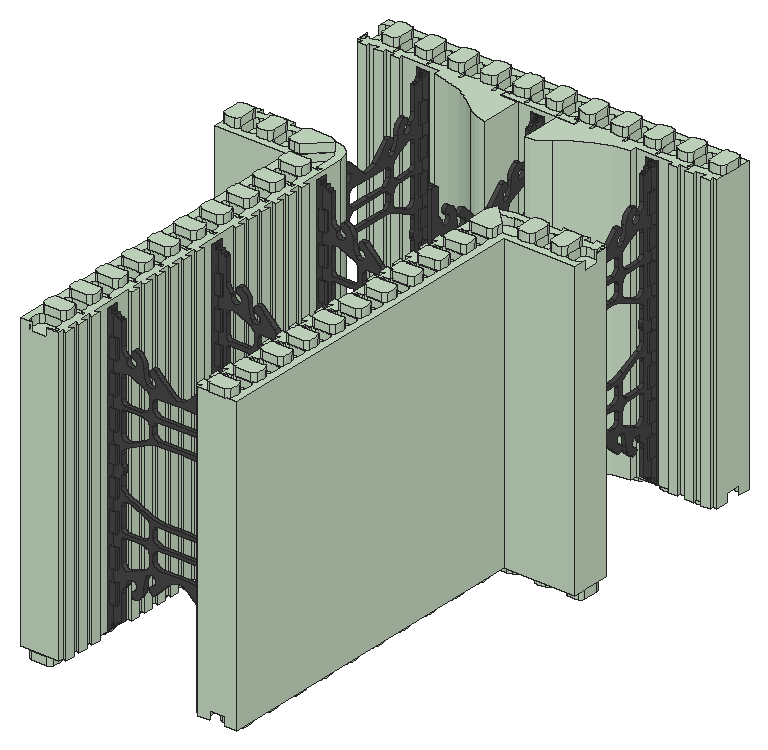
Revit family (continued)
Forms (mm)
  Extrusion 53, void
    sketch origin (914.683, -50.723, 0) x (0, 1, 0) y (-1, 0, 0)
      loop
        arc (-130.453, 639.396) -> (-128.147, 636.215) -> (-124.411, 635) r 6.35
        line (-124.411, 635) -> (-101.014, 635)
        arc (-101.014, 635) -> (-97.278, 636.215) -> (-94.972, 639.396) r 6.35
        arc (-94.972, 639.396) -> (-93.737, 645.691) -> (-94.024, 652.1) r 26.988
        arc (-94.024, 652.1) -> (-93.668, 653.385) -> (-92.457, 653.946) r 1.588
        line (-92.457, 653.946) -> (-86.829, 653.946) -> (-86.829, 658.285) -> (-95.62, 658.285)
        arc (-95.62, 658.285) -> (-96.199, 658.394) -> (-96.698, 658.708) r 1.588
        arc (-96.698, 658.708) -> (-98.696, 659.961) -> (-101.014, 660.4) r 6.35
        line (-101.014, 660.4) -> (-124.411, 660.4)
        arc (-124.411, 660.4) -> (-128.147, 659.184) -> (-130.453, 656.003) r 6.35
        arc (-130.453, 656.003) -> (-131.763, 647.7) -> (-130.453, 639.396) r 26.987
    from 0 to 12.7
  Extrusion 54, void
    sketch origin (406.683, 0.076, 0) x (0, -1, 0) y (1, 0, 0)
      loop
        arc (-130.453, -639.396) -> (-131.763, -647.7) -> (-130.453, -656.003) r 26.987
        arc (-130.453, -656.003) -> (-128.147, -659.184) -> (-124.411, -660.4) r 6.35
        line (-124.411, -660.4) -> (-101.014, -660.4)
        arc (-101.014, -660.4) -> (-98.696, -659.961) -> (-96.698, -658.708) r 6.35
        arc (-96.698, -658.708) -> (-96.199, -658.394) -> (-95.62, -658.285) r 1.588
        line (-95.62, -658.285) -> (-86.829, -658.285) -> (-86.829, -653.946) -> (-92.457, -653.946)
        arc (-92.457, -653.946) -> (-93.668, -653.385) -> (-94.024, -652.1) r 1.588
        arc (-94.024, -652.1) -> (-93.737, -645.691) -> (-94.972, -639.396) r 26.988
        arc (-94.972, -639.396) -> (-97.278, -636.215) -> (-101.014, -635) r 6.35
        line (-101.014, -635) -> (-124.411, -635)
        arc (-124.411, -635) -> (-128.147, -636.215) -> (-130.453, -639.396) r 6.35
    from 457.2 to 444.5
  Extrusion 55, void
    sketch origin (457.483, 0.076, 0) x (0, -1, 0) y (1, 0, 0)
      loop
        arc (-130.453, -639.396) -> (-131.763, -647.7) -> (-130.453, -656.003) r 26.987
        arc (-130.453, -656.003) -> (-128.147, -659.184) -> (-124.411, -660.4) r 6.35
        line (-124.411, -660.4) -> (-101.014, -660.4)
        arc (-101.014, -660.4) -> (-98.696, -659.961) -> (-96.698, -658.708) r 6.35
        arc (-96.698, -658.708) -> (-96.199, -658.394) -> (-95.62, -658.285) r 1.588
        line (-95.62, -658.285) -> (-86.829, -658.285) -> (-86.829, -653.946) -> (-92.457, -653.946)
        arc (-92.457, -653.946) -> (-93.668, -653.385) -> (-94.024, -652.1) r 1.588
        arc (-94.024, -652.1) -> (-93.737, -645.691) -> (-94.972, -639.396) r 26.988
        arc (-94.972, -639.396) -> (-97.278, -636.215) -> (-101.014, -635) r 6.35
        line (-101.014, -635) -> (-124.411, -635)
        arc (-124.411, -635) -> (-128.147, -636.215) -> (-130.453, -639.396) r 6.35
    from 457.2 to 444.5
  Extrusion 56, void
    sketch origin (508.283, 0.076, 0) x (0, -1, 0) y (1, 0, 0)
      loop
        arc (-130.453, -639.396) -> (-131.763, -647.7) -> (-130.453, -656.003) r 26.987
        arc (-130.453, -656.003) -> (-128.147, -659.184) -> (-124.411, -660.4) r 6.35
        line (-124.411, -660.4) -> (-101.014, -660.4)
        arc (-101.014, -660.4) -> (-98.696, -659.961) -> (-96.698, -658.708) r 6.35
        arc (-96.698, -658.708) -> (-96.199, -658.394) -> (-95.62, -658.285) r 1.588
        line (-95.62, -658.285) -> (-86.829, -658.285) -> (-86.829, -653.946) -> (-92.457, -653.946)
        arc (-92.457, -653.946) -> (-93.668, -653.385) -> (-94.024, -652.1) r 1.588
        arc (-94.024, -652.1) -> (-93.737, -645.691) -> (-94.972, -639.396) r 26.988
        arc (-94.972, -639.396) -> (-97.278, -636.215) -> (-101.014, -635) r 6.35
        line (-101.014, -635) -> (-124.411, -635)
        arc (-124.411, -635) -> (-128.147, -636.215) -> (-130.453, -639.396) r 6.35
    from 457.2 to 444.5
  Extrusion 57, void
    sketch origin (559.083, 0.076, 0) x (0, -1, 0) y (1, 0, 0)
      loop
        arc (-130.453, -639.396) -> (-131.763, -647.7) -> (-130.453, -656.003) r 26.987
        arc (-130.453, -656.003) -> (-128.147, -659.184) -> (-124.411, -660.4) r 6.35
        line (-124.411, -660.4) -> (-101.014, -660.4)
        arc (-101.014, -660.4) -> (-98.696, -659.961) -> (-96.698, -658.708) r 6.35
        arc (-96.698, -658.708) -> (-96.199, -658.394) -> (-95.62, -658.285) r 1.588
        line (-95.62, -658.285) -> (-86.829, -658.285) -> (-86.829, -653.946) -> (-92.457, -653.946)
        arc (-92.457, -653.946) -> (-93.668, -653.385) -> (-94.024, -652.1) r 1.588
        arc (-94.024, -652.1) -> (-93.737, -645.691) -> (-94.972, -639.396) r 26.988
        arc (-94.972, -639.396) -> (-97.278, -636.215) -> (-101.014, -635) r 6.35
        line (-101.014, -635) -> (-124.411, -635)
        arc (-124.411, -635) -> (-128.147, -636.215) -> (-130.453, -639.396) r 6.35
    from 457.2 to 444.5
  Extrusion 58, void
    sketch origin (609.883, 0.076, 0) x (0, -1, 0) y (1, 0, 0)
      loop
        arc (-130.453, -639.396) -> (-131.763, -647.7) -> (-130.453, -656.003) r 26.987
        arc (-130.453, -656.003) -> (-128.147, -659.184) -> (-124.411, -660.4) r 6.35
        line (-124.411, -660.4) -> (-101.014, -660.4)
        arc (-101.014, -660.4) -> (-98.696, -659.961) -> (-96.698, -658.708) r 6.35
        arc (-96.698, -658.708) -> (-96.199, -658.394) -> (-95.62, -658.285) r 1.588
        line (-95.62, -658.285) -> (-86.829, -658.285) -> (-86.829, -653.946) -> (-92.457, -653.946)
        arc (-92.457, -653.946) -> (-93.668, -653.385) -> (-94.024, -652.1) r 1.588
        arc (-94.024, -652.1) -> (-93.737, -645.691) -> (-94.972, -639.396) r 26.988
        arc (-94.972, -639.396) -> (-97.278, -636.215) -> (-101.014, -635) r 6.35
        line (-101.014, -635) -> (-124.411, -635)
        arc (-124.411, -635) -> (-128.147, -636.215) -> (-130.453, -639.396) r 6.35
    from 457.2 to 444.5
  Extrusion 59, void
    sketch origin (762.283, 0.076, 0) x (0, -1, 0) y (1, 0, 0)
      loop
        arc (-130.453, -639.396) -> (-131.763, -647.7) -> (-130.453, -656.003) r 26.987
        arc (-130.453, -656.003) -> (-128.147, -659.184) -> (-124.411, -660.4) r 6.35
        line (-124.411, -660.4) -> (-101.014, -660.4)
        arc (-101.014, -660.4) -> (-98.696, -659.961) -> (-96.698, -658.708) r 6.35
        arc (-96.698, -658.708) -> (-96.199, -658.394) -> (-95.62, -658.285) r 1.588
        line (-95.62, -658.285) -> (-86.829, -658.285) -> (-86.829, -653.946) -> (-92.457, -653.946)
        arc (-92.457, -653.946) -> (-93.668, -653.385) -> (-94.024, -652.1) r 1.588
        arc (-94.024, -652.1) -> (-93.737, -645.691) -> (-94.972, -639.396) r 26.988
        arc (-94.972, -639.396) -> (-97.278, -636.215) -> (-101.014, -635) r 6.35
        line (-101.014, -635) -> (-124.411, -635)
        arc (-124.411, -635) -> (-128.147, -636.215) -> (-130.453, -639.396) r 6.35
    from 457.2 to 444.5
  Extrusion 60, void
    sketch origin (813.083, 0.076, 0) x (0, -1, 0) y (1, 0, 0)
      loop
        arc (-130.453, -639.396) -> (-131.763, -647.7) -> (-130.453, -656.003) r 26.987
        arc (-130.453, -656.003) -> (-128.147, -659.184) -> (-124.411, -660.4) r 6.35
        line (-124.411, -660.4) -> (-101.014, -660.4)
        arc (-101.014, -660.4) -> (-98.696, -659.961) -> (-96.698, -658.708) r 6.35
        arc (-96.698, -658.708) -> (-96.199, -658.394) -> (-95.62, -658.285) r 1.588
        line (-95.62, -658.285) -> (-86.829, -658.285) -> (-86.829, -653.946) -> (-92.457, -653.946)
        arc (-92.457, -653.946) -> (-93.668, -653.385) -> (-94.024, -652.1) r 1.588
        arc (-94.024, -652.1) -> (-93.737, -645.691) -> (-94.972, -639.396) r 26.988
        arc (-94.972, -639.396) -> (-97.278, -636.215) -> (-101.014, -635) r 6.35
        line (-101.014, -635) -> (-124.411, -635)
        arc (-124.411, -635) -> (-128.147, -636.215) -> (-130.453, -639.396) r 6.35
    from 457.2 to 444.5
  Extrusion 61, void
    sketch origin (863.883, 0.076, 0) x (0, -1, 0) y (1, 0, 0)
      loop
        arc (-130.453, -639.396) -> (-131.763, -647.7) -> (-130.453, -656.003) r 26.987
        arc (-130.453, -656.003) -> (-128.147, -659.184) -> (-124.411, -660.4) r 6.35
        line (-124.411, -660.4) -> (-101.014, -660.4)
        arc (-101.014, -660.4) -> (-98.696, -659.961) -> (-96.698, -658.708) r 6.35
        arc (-96.698, -658.708) -> (-96.199, -658.394) -> (-95.62, -658.285) r 1.588
        line (-95.62, -658.285) -> (-86.829, -658.285) -> (-86.829, -653.946) -> (-92.457, -653.946)
        arc (-92.457, -653.946) -> (-93.668, -653.385) -> (-94.024, -652.1) r 1.588
        arc (-94.024, -652.1) -> (-93.737, -645.691) -> (-94.972, -639.396) r 26.988
        arc (-94.972, -639.396) -> (-97.278, -636.215) -> (-101.014, -635) r 6.35
        line (-101.014, -635) -> (-124.411, -635)
        arc (-124.411, -635) -> (-128.147, -636.215) -> (-130.453, -639.396) r 6.35
    from 457.2 to 444.5
  Extrusion 62, void
    sketch origin (914.683, 0.076, 0) x (0, -1, 0) y (1, 0, 0)
      loop
        arc (-130.453, -639.396) -> (-131.763, -647.7) -> (-130.453, -656.003) r 26.987
        arc (-130.453, -656.003) -> (-128.147, -659.184) -> (-124.411, -660.4) r 6.35
        line (-124.411, -660.4) -> (-101.014, -660.4)
        arc (-101.014, -660.4) -> (-98.696, -659.961) -> (-96.698, -658.708) r 6.35
        arc (-96.698, -658.708) -> (-96.199, -658.394) -> (-95.62, -658.285) r 1.588
        line (-95.62, -658.285) -> (-86.829, -658.285) -> (-86.829, -653.946) -> (-92.457, -653.946)
        arc (-92.457, -653.946) -> (-93.668, -653.385) -> (-94.024, -652.1) r 1.588
        arc (-94.024, -652.1) -> (-93.737, -645.691) -> (-94.972, -639.396) r 26.988
        arc (-94.972, -639.396) -> (-97.278, -636.215) -> (-101.014, -635) r 6.35
        line (-101.014, -635) -> (-124.411, -635)
        arc (-124.411, -635) -> (-128.147, -636.215) -> (-130.453, -639.396) r 6.35
    from 457.2 to 444.5
  Extrusion 63, void
    sketch origin (-863.316, 0.076, 0) x (0, -1, 0) y (1, 0, 0)
      loop
        arc (-130.453, 639.396) -> (-128.147, 636.215) -> (-124.411, 635) r 6.35
        line (-124.411, 635) -> (-101.014, 635)
        arc (-101.014, 635) -> (-97.278, 636.215) -> (-94.972, 639.396) r 6.35
        arc (-94.972, 639.396) -> (-93.737, 645.691) -> (-94.024, 652.1) r 26.988
        arc (-94.024, 652.1) -> (-93.668, 653.385) -> (-92.457, 653.946) r 1.588
        line (-92.457, 653.946) -> (-86.829, 653.946) -> (-86.829, 658.285) -> (-95.62, 658.285)
        arc (-95.62, 658.285) -> (-96.199, 658.394) -> (-96.698, 658.708) r 1.588
        arc (-96.698, 658.708) -> (-98.696, 659.961) -> (-101.014, 660.4) r 6.35
        line (-101.014, 660.4) -> (-124.411, 660.4)
        arc (-124.411, 660.4) -> (-128.147, 659.184) -> (-130.453, 656.003) r 6.35
        arc (-130.453, 656.003) -> (-131.763, 647.7) -> (-130.453, 639.396) r 26.987
    from 0 to 12.7
  Extrusion 64, void
    sketch origin (-812.516, 0.076, 0) x (0, -1, 0) y (1, 0, 0)
      loop
        arc (-130.453, 639.396) -> (-128.147, 636.215) -> (-124.411, 635) r 6.35
        line (-124.411, 635) -> (-101.014, 635)
        arc (-101.014, 635) -> (-97.278, 636.215) -> (-94.972, 639.396) r 6.35
        arc (-94.972, 639.396) -> (-93.737, 645.691) -> (-94.024, 652.1) r 26.988
        arc (-94.024, 652.1) -> (-93.668, 653.385) -> (-92.457, 653.946) r 1.588
        line (-92.457, 653.946) -> (-86.829, 653.946) -> (-86.829, 658.285) -> (-95.62, 658.285)
        arc (-95.62, 658.285) -> (-96.199, 658.394) -> (-96.698, 658.708) r 1.588
        arc (-96.698, 658.708) -> (-98.696, 659.961) -> (-101.014, 660.4) r 6.35
        line (-101.014, 660.4) -> (-124.411, 660.4)
        arc (-124.411, 660.4) -> (-128.147, 659.184) -> (-130.453, 656.003) r 6.35
        arc (-130.453, 656.003) -> (-131.763, 647.7) -> (-130.453, 639.396) r 26.987
    from 0 to 12.7
  Extrusion 65, void
    sketch origin (-761.716, 0.076, 0) x (0, -1, 0) y (1, 0, 0)
      loop
        arc (-130.453, 639.396) -> (-128.147, 636.215) -> (-124.411, 635) r 6.35
        line (-124.411, 635) -> (-101.014, 635)
        arc (-101.014, 635) -> (-97.278, 636.215) -> (-94.972, 639.396) r 6.35
        arc (-94.972, 639.396) -> (-93.737, 645.691) -> (-94.024, 652.1) r 26.988
        arc (-94.024, 652.1) -> (-93.668, 653.385) -> (-92.457, 653.946) r 1.588
        line (-92.457, 653.946) -> (-86.829, 653.946) -> (-86.829, 658.285) -> (-95.62, 658.285)
        arc (-95.62, 658.285) -> (-96.199, 658.394) -> (-96.698, 658.708) r 1.588
        arc (-96.698, 658.708) -> (-98.696, 659.961) -> (-101.014, 660.4) r 6.35
        line (-101.014, 660.4) -> (-124.411, 660.4)
        arc (-124.411, 660.4) -> (-128.147, 659.184) -> (-130.453, 656.003) r 6.35
        arc (-130.453, 656.003) -> (-131.763, 647.7) -> (-130.453, 639.396) r 26.987
    from 0 to 12.7
  Extrusion 66, void
    sketch origin (-710.916, 0.076, 0) x (0, -1, 0) y (1, 0, 0)
      loop
        arc (-130.453, 639.396) -> (-128.147, 636.215) -> (-124.411, 635) r 6.35
        line (-124.411, 635) -> (-101.014, 635)
        arc (-101.014, 635) -> (-97.278, 636.215) -> (-94.972, 639.396) r 6.35
        arc (-94.972, 639.396) -> (-93.737, 645.691) -> (-94.024, 652.1) r 26.988
        arc (-94.024, 652.1) -> (-93.668, 653.385) -> (-92.457, 653.946) r 1.588
        line (-92.457, 653.946) -> (-86.829, 653.946) -> (-86.829, 658.285) -> (-95.62, 658.285)
        arc (-95.62, 658.285) -> (-96.199, 658.394) -> (-96.698, 658.708) r 1.588
        arc (-96.698, 658.708) -> (-98.696, 659.961) -> (-101.014, 660.4) r 6.35
        line (-101.014, 660.4) -> (-124.411, 660.4)
        arc (-124.411, 660.4) -> (-128.147, 659.184) -> (-130.453, 656.003) r 6.35
        arc (-130.453, 656.003) -> (-131.763, 647.7) -> (-130.453, 639.396) r 26.987
    from 0 to 12.7
  Extrusion 67, void
    sketch origin (-507.716, 0.076, 0) x (0, -1, 0) y (1, 0, 0)
      loop
        arc (-130.453, 639.396) -> (-128.147, 636.215) -> (-124.411, 635) r 6.35
        line (-124.411, 635) -> (-101.014, 635)
        arc (-101.014, 635) -> (-97.278, 636.215) -> (-94.972, 639.396) r 6.35
        arc (-94.972, 639.396) -> (-93.737, 645.691) -> (-94.024, 652.1) r 26.988
        arc (-94.024, 652.1) -> (-93.668, 653.385) -> (-92.457, 653.946) r 1.588
        line (-92.457, 653.946) -> (-86.829, 653.946) -> (-86.829, 658.285) -> (-95.62, 658.285)
        arc (-95.62, 658.285) -> (-96.199, 658.394) -> (-96.698, 658.708) r 1.588
        arc (-96.698, 658.708) -> (-98.696, 659.961) -> (-101.014, 660.4) r 6.35
        line (-101.014, 660.4) -> (-124.411, 660.4)
        arc (-124.411, 660.4) -> (-128.147, 659.184) -> (-130.453, 656.003) r 6.35
        arc (-130.453, 656.003) -> (-131.763, 647.7) -> (-130.453, 639.396) r 26.987
    from 0 to 12.7
  Extrusion 68, void
    sketch origin (-456.916, 0.076, 0) x (0, -1, 0) y (1, 0, 0)
      loop
        arc (-130.453, 639.396) -> (-128.147, 636.215) -> (-124.411, 635) r 6.35
        line (-124.411, 635) -> (-101.014, 635)
        arc (-101.014, 635) -> (-97.278, 636.215) -> (-94.972, 639.396) r 6.35
        arc (-94.972, 639.396) -> (-93.737, 645.691) -> (-94.024, 652.1) r 26.988
        arc (-94.024, 652.1) -> (-93.668, 653.385) -> (-92.457, 653.946) r 1.588
        line (-92.457, 653.946) -> (-86.829, 653.946) -> (-86.829, 658.285) -> (-95.62, 658.285)
        arc (-95.62, 658.285) -> (-96.199, 658.394) -> (-96.698, 658.708) r 1.588
        arc (-96.698, 658.708) -> (-98.696, 659.961) -> (-101.014, 660.4) r 6.35
        line (-101.014, 660.4) -> (-124.411, 660.4)
        arc (-124.411, 660.4) -> (-128.147, 659.184) -> (-130.453, 656.003) r 6.35
        arc (-130.453, 656.003) -> (-131.763, 647.7) -> (-130.453, 639.396) r 26.987
    from 0 to 12.7
  Extrusion 69, void
    sketch origin (-406.116, 0.076, 0) x (0, -1, 0) y (1, 0, 0)
      loop
        arc (-130.453, 639.396) -> (-128.147, 636.215) -> (-124.411, 635) r 6.35
        line (-124.411, 635) -> (-101.014, 635)
        arc (-101.014, 635) -> (-97.278, 636.215) -> (-94.972, 639.396) r 6.35
        arc (-94.972, 639.396) -> (-93.737, 645.691) -> (-94.024, 652.1) r 26.988
        arc (-94.024, 652.1) -> (-93.668, 653.385) -> (-92.457, 653.946) r 1.588
        line (-92.457, 653.946) -> (-86.829, 653.946) -> (-86.829, 658.285) -> (-95.62, 658.285)
        arc (-95.62, 658.285) -> (-96.199, 658.394) -> (-96.698, 658.708) r 1.588
        arc (-96.698, 658.708) -> (-98.696, 659.961) -> (-101.014, 660.4) r 6.35
        line (-101.014, 660.4) -> (-124.411, 660.4)
        arc (-124.411, 660.4) -> (-128.147, 659.184) -> (-130.453, 656.003) r 6.35
        arc (-130.453, 656.003) -> (-131.763, 647.7) -> (-130.453, 639.396) r 26.987
    from 0 to 12.7
  Extrusion 70, void
    sketch origin (-355.316, 0.076, 0) x (0, -1, 0) y (1, 0, 0)
      loop
        arc (-130.453, 639.396) -> (-128.147, 636.215) -> (-124.411, 635) r 6.35
        line (-124.411, 635) -> (-101.014, 635)
        arc (-101.014, 635) -> (-97.278, 636.215) -> (-94.972, 639.396) r 6.35
        arc (-94.972, 639.396) -> (-93.737, 645.691) -> (-94.024, 652.1) r 26.988
        arc (-94.024, 652.1) -> (-93.668, 653.385) -> (-92.457, 653.946) r 1.588
        line (-92.457, 653.946) -> (-86.829, 653.946) -> (-86.829, 658.285) -> (-95.62, 658.285)
        arc (-95.62, 658.285) -> (-96.199, 658.394) -> (-96.698, 658.708) r 1.588
        arc (-96.698, 658.708) -> (-98.696, 659.961) -> (-101.014, 660.4) r 6.35
        line (-101.014, 660.4) -> (-124.411, 660.4)
        arc (-124.411, 660.4) -> (-128.147, 659.184) -> (-130.453, 656.003) r 6.35
        arc (-130.453, 656.003) -> (-131.763, 647.7) -> (-130.453, 639.396) r 26.987
    from 0 to 12.7
  Extrusion 71, solid, material "NUDURA Expanded Polystyrene Foam Insulation"
    sketch origin (51.084, -50.724, 0) x (1, 0, 0) y (0, 1, 0)
      loop
        arc (101.102, -101.102) -> (95.596, -109.342) -> (93.663, -119.062) r 25.4
        line (93.663, -119.062) -> (93.663, -139.7)
        arc (93.663, -139.7) -> (93.992, -143.903) -> (94.972, -148.003) r 26.987
        arc (94.972, -148.003) -> (97.278, -151.184) -> (101.014, -152.4) r 6.35
        line (101.014, -152.4) -> (124.411, -152.4)
        arc (124.411, -152.4) -> (128.147, -151.184) -> (130.453, -148.003) r 6.35
        arc (130.453, -148.003) -> (131.433, -143.903) -> (131.763, -139.7) r 26.988
        line (131.763, -139.7) -> (131.763, -131.762) -> (101.102, -101.102)
    from 457.2 to 469.9
  Extrusion 72, solid, material "NUDURA Expanded Polystyrene Foam Insulation"
    sketch origin (0.284, -50.724, 0) x (1, 0, 0) y (0, 1, 0)
      loop
        line (-119.063, -93.662) -> (-139.7, -93.662)
        arc (-139.7, -93.662) -> (-143.903, -93.991) -> (-148.004, -94.971) r 26.987
        arc (-148.004, -94.971) -> (-151.185, -97.277) -> (-152.4, -101.013) r 6.35
        line (-152.4, -101.013) -> (-152.4, -124.411)
        arc (-152.4, -124.411) -> (-151.185, -128.147) -> (-148.004, -130.453) r 6.35
        arc (-148.004, -130.453) -> (-143.903, -131.433) -> (-139.7, -131.762) r 26.987
        line (-139.7, -131.762) -> (-131.763, -131.762) -> (-101.102, -101.102)
        arc (-101.102, -101.102) -> (-109.342, -95.595) -> (-119.063, -93.662) r 25.4
    from 457.2 to 469.9
  Extrusion 73, solid, material "NUDURA Expanded Polystyrene Foam Insulation"
    sketch origin (0.284, -50.724, 0) x (1, 0, 0) y (0, 1, 0)
      loop
        line (-131.763, -131.762) -> (-131.763, -139.7)
        arc (-131.763, -139.7) -> (-131.433, -143.903) -> (-130.453, -148.003) r 26.987
        arc (-130.453, -148.003) -> (-128.147, -151.184) -> (-124.411, -152.4) r 6.35
        line (-124.411, -152.4) -> (-101.014, -152.4)
        arc (-101.014, -152.4) -> (-97.278, -151.184) -> (-94.972, -148.003) r 6.35
        arc (-94.972, -148.003) -> (-93.992, -143.903) -> (-93.663, -139.7) r 26.987
        line (-93.663, -139.7) -> (-93.663, -119.062)
        arc (-93.663, -119.062) -> (-95.596, -109.342) -> (-101.102, -101.102) r 25.4
        line (-101.102, -101.102) -> (-131.763, -131.762)
    from 0 to -12.7
  Extrusion 74, solid, material "NUDURA Expanded Polystyrene Foam Insulation"
    sketch origin (51.084, -50.724, 0) x (1, 0, 0) y (0, 1, 0)
      loop
        arc (152.4, -101.013) -> (151.185, -97.277) -> (148.004, -94.971) r 6.35
        arc (148.004, -94.971) -> (143.903, -93.991) -> (139.7, -93.662) r 26.987
        line (139.7, -93.662) -> (119.063, -93.662)
        arc (119.063, -93.662) -> (109.342, -95.595) -> (101.102, -101.102) r 25.4
        line (101.102, -101.102) -> (131.763, -131.762) -> (139.7, -131.762)
        arc (139.7, -131.762) -> (143.903, -131.433) -> (148.004, -130.453) r 26.988
        arc (148.004, -130.453) -> (151.185, -128.147) -> (152.4, -124.411) r 6.35
        line (152.4, -124.411) -> (152.4, -101.013)
    from 0 to -12.7
  Extrusion 75, void
    sketch origin (-558.516, 0.076, 0) x (0, -1, 0) y (1, 0, 0)
      loop
        arc (-130.453, 639.396) -> (-128.147, 636.215) -> (-124.411, 635) r 6.35
        line (-124.411, 635) -> (-101.014, 635)
        arc (-101.014, 635) -> (-97.278, 636.215) -> (-94.972, 639.396) r 6.35
        arc (-94.972, 639.396) -> (-93.737, 645.691) -> (-94.024, 652.1) r 26.988
        arc (-94.024, 652.1) -> (-93.668, 653.385) -> (-92.457, 653.946) r 1.588
        line (-92.457, 653.946) -> (-86.829, 653.946) -> (-86.829, 658.285) -> (-95.62, 658.285)
        arc (-95.62, 658.285) -> (-96.199, 658.394) -> (-96.698, 658.708) r 1.588
        arc (-96.698, 658.708) -> (-98.696, 659.961) -> (-101.014, 660.4) r 6.35
        line (-101.014, 660.4) -> (-124.411, 660.4)
        arc (-124.411, 660.4) -> (-128.147, 659.184) -> (-130.453, 656.003) r 6.35
        arc (-130.453, 656.003) -> (-131.763, 647.7) -> (-130.453, 639.396) r 26.987
    from 0 to 12.7
  Extrusion 76, solid, material "NUDURA Expanded Polystyrene Foam Insulation"
    sketch origin (0.284, 0.076, 0) x (1, 0, 0) y (0, 1, 0)
      loop
        line (-31.75, 142.875) -> (-31.75, 131.479) -> (-25.4, 133.18) -> (-25.4, 117.763) -> (-31.75, 119.346) -> (-31.75, 106.079) -> (-25.4, 107.78) -> (-25.4, 92.363) -> (-31.75, 93.946) -> (-31.75, 82.55) -> (82.55, 82.55) -> (82.55, 93.946) -> (76.2, 92.363) -> (76.2, 107.78) -> (82.55, 106.079) -> (82.55, 119.346) -> (76.2, 117.763) -> (76.2, 133.18) -> (82.55, 131.479) -> (82.55, 142.875) -> (-31.75, 142.875)
    from 0 to 457.2
  Extrusion 77, void
    sketch origin (660.683, 0.076, 0) x (0, -1, 0) y (1, 0, 0)
      loop
        arc (-130.453, -639.396) -> (-131.763, -647.7) -> (-130.453, -656.003) r 26.987
        arc (-130.453, -656.003) -> (-128.147, -659.184) -> (-124.411, -660.4) r 6.35
        line (-124.411, -660.4) -> (-101.014, -660.4)
        arc (-101.014, -660.4) -> (-98.696, -659.961) -> (-96.698, -658.708) r 6.35
        arc (-96.698, -658.708) -> (-96.199, -658.394) -> (-95.62, -658.285) r 1.588
        line (-95.62, -658.285) -> (-86.829, -658.285) -> (-86.829, -653.946) -> (-92.457, -653.946)
        arc (-92.457, -653.946) -> (-93.668, -653.385) -> (-94.024, -652.1) r 1.588
        arc (-94.024, -652.1) -> (-93.737, -645.691) -> (-94.972, -639.396) r 26.988
        arc (-94.972, -639.396) -> (-97.278, -636.215) -> (-101.014, -635) r 6.35
        line (-101.014, -635) -> (-124.411, -635)
        arc (-124.411, -635) -> (-128.147, -636.215) -> (-130.453, -639.396) r 6.35
    from 457.2 to 444.5
  Extrusion 78, void
    sketch origin (711.483, 0.076, 0) x (0, -1, 0) y (1, 0, 0)
      loop
        arc (-130.453, -639.396) -> (-131.763, -647.7) -> (-130.453, -656.003) r 26.987
        arc (-130.453, -656.003) -> (-128.147, -659.184) -> (-124.411, -660.4) r 6.35
        line (-124.411, -660.4) -> (-101.014, -660.4)
        arc (-101.014, -660.4) -> (-98.696, -659.961) -> (-96.698, -658.708) r 6.35
        arc (-96.698, -658.708) -> (-96.199, -658.394) -> (-95.62, -658.285) r 1.588
        line (-95.62, -658.285) -> (-86.829, -658.285) -> (-86.829, -653.946) -> (-92.457, -653.946)
        arc (-92.457, -653.946) -> (-93.668, -653.385) -> (-94.024, -652.1) r 1.588
        arc (-94.024, -652.1) -> (-93.737, -645.691) -> (-94.972, -639.396) r 26.988
        arc (-94.972, -639.396) -> (-97.278, -636.215) -> (-101.014, -635) r 6.35
        line (-101.014, -635) -> (-124.411, -635)
        arc (-124.411, -635) -> (-128.147, -636.215) -> (-130.453, -639.396) r 6.35
    from 457.2 to 444.5
  Extrusion 79, void
    sketch origin (-609.316, 0.076, 0) x (0, -1, 0) y (1, 0, 0)
      loop
        arc (-130.453, 639.396) -> (-128.147, 636.215) -> (-124.411, 635) r 6.35
        line (-124.411, 635) -> (-101.014, 635)
        arc (-101.014, 635) -> (-97.278, 636.215) -> (-94.972, 639.396) r 6.35
        arc (-94.972, 639.396) -> (-93.737, 645.691) -> (-94.024, 652.1) r 26.988
        arc (-94.024, 652.1) -> (-93.668, 653.385) -> (-92.457, 653.946) r 1.588
        line (-92.457, 653.946) -> (-86.829, 653.946) -> (-86.829, 658.285) -> (-95.62, 658.285)
        arc (-95.62, 658.285) -> (-96.199, 658.394) -> (-96.698, 658.708) r 1.588
        arc (-96.698, 658.708) -> (-98.696, 659.961) -> (-101.014, 660.4) r 6.35
        line (-101.014, 660.4) -> (-124.411, 660.4)
        arc (-124.411, 660.4) -> (-128.147, 659.184) -> (-130.453, 656.003) r 6.35
        arc (-130.453, 656.003) -> (-131.763, 647.7) -> (-130.453, 639.396) r 26.987
    from 0 to 12.7
  Extrusion 80, void
    sketch origin (-660.116, 0.076, 0) x (0, -1, 0) y (1, 0, 0)
      loop
        arc (-130.453, 639.396) -> (-128.147, 636.215) -> (-124.411, 635) r 6.35
        line (-124.411, 635) -> (-101.014, 635)
        arc (-101.014, 635) -> (-97.278, 636.215) -> (-94.972, 639.396) r 6.35
        arc (-94.972, 639.396) -> (-93.737, 645.691) -> (-94.024, 652.1) r 26.988
        arc (-94.024, 652.1) -> (-93.668, 653.385) -> (-92.457, 653.946) r 1.588
        line (-92.457, 653.946) -> (-86.829, 653.946) -> (-86.829, 658.285) -> (-95.62, 658.285)
        arc (-95.62, 658.285) -> (-96.199, 658.394) -> (-96.698, 658.708) r 1.588
        arc (-96.698, 658.708) -> (-98.696, 659.961) -> (-101.014, 660.4) r 6.35
        line (-101.014, 660.4) -> (-124.411, 660.4)
        arc (-124.411, 660.4) -> (-128.147, 659.184) -> (-130.453, 656.003) r 6.35
        arc (-130.453, 656.003) -> (-131.763, 647.7) -> (-130.453, 639.396) r 26.987
    from 0 to 12.7
  Extrusion 81, void
    sketch origin (609.883, 0.076, 0) x (0, -1, 0) y (1, 0, 0)
      loop
        arc (-130.453, -639.396) -> (-131.763, -647.7) -> (-130.453, -656.003) r 26.987
        arc (-130.453, -656.003) -> (-128.147, -659.184) -> (-124.411, -660.4) r 6.35
        line (-124.411, -660.4) -> (-101.014, -660.4)
        arc (-101.014, -660.4) -> (-98.696, -659.961) -> (-96.698, -658.708) r 6.35
        arc (-96.698, -658.708) -> (-96.199, -658.394) -> (-95.62, -658.285) r 1.588
        line (-95.62, -658.285) -> (-86.829, -658.285) -> (-86.829, -653.946) -> (-92.457, -653.946)
        arc (-92.457, -653.946) -> (-93.668, -653.385) -> (-94.024, -652.1) r 1.588
        arc (-94.024, -652.1) -> (-93.737, -645.691) -> (-94.972, -639.396) r 26.988
        arc (-94.972, -639.396) -> (-97.278, -636.215) -> (-101.014, -635) r 6.35
        line (-101.014, -635) -> (-124.411, -635)
        arc (-124.411, -635) -> (-128.147, -636.215) -> (-130.453, -639.396) r 6.35
    from 457.2 to 444.5
Cuts and joins
  Extrusion 2, Extrusion 3, Extrusion 4, Extrusion 5, Extrusion 6, Extrusion 7, Extrusion 8, Extrusion 9, Extrusion 10, Extrusion 11, Extrusion 12, Extrusion 13, Extrusion 14, Extrusion 15, Extrusion 16, Extrusion 17, Extrusion 18, Extrusion 19, Extrusion 20, Extrusion 21, Extrusion 22, Extrusion 23, Extrusion 24, Extrusion 25, Extrusion 26, Extrusion 27, Extrusion 28, Extrusion 29, Extrusion 30, Extrusion 31, Extrusion 32, Extrusion 33, Extrusion 34, Extrusion 35, Extrusion 36, Extrusion 37, Extrusion 38, Extrusion 39, Extrusion 40, Extrusion 41, Extrusion 42, Extrusion 43, Extrusion 44, Extrusion 45, Extrusion 46, Extrusion 47, Extrusion 48, Extrusion 49, Extrusion 50, Extrusion 51, Extrusion 52, Extrusion 53, Extrusion 54, Extrusion 55, Extrusion 56, Extrusion 57, Extrusion 59, Extrusion 60, Extrusion 61, Extrusion 62, Extrusion 63, Extrusion 64, Extrusion 65, Extrusion 66, Extrusion 67, Extrusion 68, Extrusion 69, Extrusion 70, Extrusion 75, Extrusion 81 cuts Extrusion 1
  Extrusion 12 cuts Extrusion 72
  Extrusion 24 cuts Extrusion 73
  Extrusion 37 cuts Extrusion 71
  Extrusion 51 cuts Extrusion 74
  Extrusion 58, Extrusion 75, Extrusion 77, Extrusion 78, Extrusion 79, Extrusion 80, Extrusion 81 cuts Extrusion 76
Lines and regions (mm)
  model lines
    curve 1: line (-142.591, -457.123, 457.2) -> (-142.591, -457.123, 0)
    curve 2: line (-50.516, 142.952, 457.2) -> (-50.516, 142.952, 0)
    curve 3: line (51.084, 142.951, 457.2) -> (51.084, 142.951, 0)
    curve 4: line (0.284, 142.951, 0) -> (0.284, 142.951, 457.2)
    curve 5: line (-142.591, -507.923, 0) -> (-142.591, -507.923, 457.2)
Dimensions and locks
  aligned and locked: level to plane 2
  aligned and locked: Extrusion 1 to level
  aligned and locked: nested 84 to nested 72
Nested families
  nested 1: "Interlock Tooth" at (51.084, -711.123, 0) x (0, 1, 0) z (0, 0, 1), type "Interlock Tooth"
  nested 2: "Interlock Tooth" at (51.084, -660.323, 0) x (0, 1, 0) z (0, 0, 1), type "Interlock Tooth"
  nested 3: "Interlock Tooth" at (51.084, -609.523, 0) x (0, 1, 0) z (0, 0, 1), type "Interlock Tooth"
  nested 4: "Interlock Tooth" at (51.084, -558.723, 0) x (0, 1, 0) z (0, 0, 1), type "Interlock Tooth"
  nested 5: "Interlock Tooth" at (51.084, -507.923, 0) x (0, 1, 0) z (0, 0, 1), type "Interlock Tooth"
  nested 6: "Interlock Tooth" at (51.084, -457.123, 0) x (0, 1, 0) z (0, 0, 1), type "Interlock Tooth"
  nested 7: "Interlock Tooth" at (51.084, -406.323, 0) x (0, 1, 0) z (0, 0, 1), type "Interlock Tooth"
  nested 8: "Interlock Tooth" at (51.084, -355.523, 0) x (0, 1, 0) z (0, 0, 1), type "Interlock Tooth"
  nested 9: "Interlock Tooth" at (51.084, -304.723, 0) x (0, 1, 0) z (0, 0, 1), type "Interlock Tooth"
  nested 10: "Interlock Tooth" at (51.084, -253.923, 0) x (0, 1, 0) z (0, 0, 1), type "Interlock Tooth"
  nested 11: "Interlock Tooth" at (0.284, -685.723, 0) x (0, 1, 0) z (0, 0, 1), type "Interlock Tooth"
  nested 12: "Interlock Tooth" at (0.284, -634.923, 0) x (0, 1, 0) z (0, 0, 1), type "Interlock Tooth"
  nested 13: "Interlock Tooth" at (0.284, -584.123, 0) x (0, 1, 0) z (0, 0, 1), type "Interlock Tooth"
  nested 14: "Interlock Tooth" at (0.284, -533.323, 0) x (0, 1, 0) z (0, 0, 1), type "Interlock Tooth"
  nested 15: "Interlock Tooth" at (0.284, -482.523, 0) x (0, 1, 0) z (0, 0, 1), type "Interlock Tooth"
  nested 16: "Interlock Tooth" at (0.284, -431.723, 0) x (0, 1, 0) z (0, 0, 1), type "Interlock Tooth"
  nested 17: "Interlock Tooth" at (0.284, -380.923, 0) x (0, 1, 0) z (0, 0, 1), type "Interlock Tooth"
  nested 18: "Interlock Tooth" at (0.284, -330.123, 0) x (0, 1, 0) z (0, 0, 1), type "Interlock Tooth"
  nested 19: "Interlock Tooth" at (0.284, -279.323, 0) x (0, 1, 0) z (0, 0, 1), type "Interlock Tooth"
  nested 20: "Interlock Tooth" at (0.284, -228.523, 0) x (0, 1, 0) z (0, 0, 1), type "Interlock Tooth"
  nested 21: "Interlock Tooth" at (-253.716, -50.723, 0), type "Interlock Tooth"
  nested 22: "Interlock Tooth" at (-202.916, -50.723, 0), type "Interlock Tooth"
  nested 23: "Interlock Tooth" at (203.484, -50.723, 0), type "Interlock Tooth"
  nested 24: "Interlock Tooth" at (254.284, -50.723, 0), type "Interlock Tooth"
  nested 25: "Interlock Tooth" at (-228.316, -50.723, -469.9), type "Interlock Tooth"
  nested 26: "Interlock Tooth" at (-177.516, -50.723, -469.9), type "Interlock Tooth"
  nested 27: "Interlock Tooth" at (279.684, -50.723, -469.9), type "Interlock Tooth"
  nested 28: "Interlock Tooth" at (228.884, -50.723, -469.9), type "Interlock Tooth"
  nested 29: "Interlock Tooth" at (0.284, -685.723, -469.9) x (0, -1, 0) z (0, 0, 1), type "Interlock Tooth"
  nested 30: "Interlock Tooth" at (0.284, -634.923, -469.9) x (0, -1, 0) z (0, 0, 1), type "Interlock Tooth"
  nested 31: "Interlock Tooth" at (0.284, -584.123, -469.9) x (0, -1, 0) z (0, 0, 1), type "Interlock Tooth"
  nested 32: "Interlock Tooth" at (0.284, -533.323, -469.9) x (0, -1, 0) z (0, 0, 1), type "Interlock Tooth"
  nested 33: "Interlock Tooth" at (0.284, -482.523, -469.9) x (0, -1, 0) z (0, 0, 1), type "Interlock Tooth"
  nested 34: "Interlock Tooth" at (0.284, -431.723, -469.9) x (0, -1, 0) z (0, 0, 1), type "Interlock Tooth"
  nested 35: "Interlock Tooth" at (0.284, -380.923, -469.9) x (0, -1, 0) z (0, 0, 1), type "Interlock Tooth"
  nested 36: "Interlock Tooth" at (0.284, -330.123, -469.9) x (0, -1, 0) z (0, 0, 1), type "Interlock Tooth"
  nested 37: "Interlock Tooth" at (0.284, -279.323, -469.9) x (0, -1, 0) z (0, 0, 1), type "Interlock Tooth"
  nested 38: "Interlock Tooth" at (0.284, -228.523, -469.9) x (0, -1, 0) z (0, 0, 1), type "Interlock Tooth"
  nested 39: "Interlock Tooth" at (51.084, -685.723, -469.9) x (0, 1, 0) z (0, 0, 1), type "Interlock Tooth"
  nested 40: "Interlock Tooth" at (51.084, -634.923, -469.9) x (0, 1, 0) z (0, 0, 1), type "Interlock Tooth"
  nested 41: "Interlock Tooth" at (51.084, -584.123, -469.9) x (0, 1, 0) z (0, 0, 1), type "Interlock Tooth"
  nested 42: "Interlock Tooth" at (51.084, -533.323, -469.9) x (0, 1, 0) z (0, 0, 1), type "Interlock Tooth"
  nested 43: "Interlock Tooth" at (51.084, -482.523, -469.9) x (0, 1, 0) z (0, 0, 1), type "Interlock Tooth"
  nested 44: "Interlock Tooth" at (51.084, -431.723, -469.9) x (0, 1, 0) z (0, 0, 1), type "Interlock Tooth"
  nested 45: "Interlock Tooth" at (51.084, -380.923, -469.9) x (0, 1, 0) z (0, 0, 1), type "Interlock Tooth"
  nested 46: "Interlock Tooth" at (51.084, -330.123, -469.9) x (0, 1, 0) z (0, 0, 1), type "Interlock Tooth"
  nested 47: "Interlock Tooth" at (51.084, -279.323, -469.9) x (0, 1, 0) z (0, 0, 1), type "Interlock Tooth"
  nested 48: "Interlock Tooth" at (51.084, -228.523, -469.9) x (0, 1, 0) z (0, 0, 1), type "Interlock Tooth"
  nested 49: "Interlock Tooth" at (-202.916, 0.076, 0) x (-1, 0, 0) z (0, 0, 1), type "Interlock Tooth"
  nested 50: "Interlock Tooth" at (-228.316, 0.076, -469.9) x (-1, 0, 0) z (0, 0, 1), type "Interlock Tooth"
  nested 51: "Interlock Tooth" at (-152.116, 0.076, 0) x (-1, 0, 0) z (0, 0, 1), type "Interlock Tooth"
  nested 52: "Interlock Tooth" at (-177.516, 0.076, -469.9) x (-1, 0, 0) z (0, 0, 1), type "Interlock Tooth"
  nested 53: "Interlock Tooth" at (-101.316, 0.076, 0) x (-1, 0, 0) z (0, 0, 1), type "Interlock Tooth"
  nested 54: "Interlock Tooth" at (-126.716, 0.076, -469.9) x (-1, 0, 0) z (0, 0, 1), type "Interlock Tooth"
  nested 55: "Interlock Tooth" at (-50.516, 0.076, 0) x (-1, 0, 0) z (0, 0, 1), type "Interlock Tooth"
  nested 56: "Interlock Tooth" at (-75.916, 0.076, -469.9) x (-1, 0, 0) z (0, 0, 1), type "Interlock Tooth"
  nested 57: "Interlock Tooth" at (-25.116, 0.076, -469.9) x (-1, 0, 0) z (0, 0, 1), type "Interlock Tooth"
  nested 58: "Interlock Tooth" at (152.684, 0.076, 0) x (-1, 0, 0) z (0, 0, 1), type "Interlock Tooth"
  nested 59: "Interlock Tooth" at (127.284, 0.076, -469.9) x (-1, 0, 0) z (0, 0, 1), type "Interlock Tooth"
  nested 60: "Interlock Tooth" at (203.484, 0.076, 0) x (-1, 0, 0) z (0, 0, 1), type "Interlock Tooth"
  nested 61: "Interlock Tooth" at (178.084, 0.076, -469.9) x (-1, 0, 0) z (0, 0, 1), type "Interlock Tooth"
  nested 62: "Interlock Tooth" at (254.284, 0.076, 0) x (-1, 0, 0) z (0, 0, 1), type "Interlock Tooth"
  nested 63: "Interlock Tooth" at (228.884, 0.076, -469.9) x (-1, 0, 0) z (0, 0, 1), type "Interlock Tooth"
  nested 64: "Interlock Tooth" at (305.084, 0.076, 0) x (-1, 0, 0) z (0, 0, 1), type "Interlock Tooth"
  nested 65: "Interlock Tooth" at (279.684, 0.076, -469.9) x (-1, 0, 0) z (0, 0, 1), type "Interlock Tooth"
  nested 66: "NUDURA Diamond Pattern" at (336.834, -507.923, 0) x (0, 1, 0) z (0, 0, 1), type "NUDURA Diamond Pattern"
  nested 67: "NUDURA Logo Diamond" at (193.959, -914.258, 0) x (0, 1, 0) z (0, 0, 1), type "NUDURA Logo Diamond"
  nested 68: "NUDURA Diamond Pattern Missing Two Lines" at (-285.466, -304.723, 0) x (0, 1, 0) z (0, 0, 1), type "NUDURA Diamond Pattern minus Two lines"
  nested 69: "NUDURA Diamond Pattern Missing Two Lines" at (-253.716, -50.724, 0), type "NUDURA Diamond Pattern minus Two lines"
  nested 70: "NUDURA Diamond Pattern Missing Two Lines" at (51.084, -304.723, 0) x (0, 1, 0) z (0, 0, 1), type "NUDURA Diamond Pattern minus Two lines"
  nested 71: "NUDURA Diamond Pattern Missing Two Lines" at (305.084, -336.473, 0) x (-1, 0, 0) z (0, 0, 1), type "NUDURA Diamond Pattern minus Two lines"
  nested 72: "NUDURA Logo Diamond" at (152.619, 142.951, 0) x (-1, 0, 0) z (0, 0, 1), type "NUDURA Logo Diamond"
  nested 73: "Interlock Tooth" at (101.884, 0.076, 0) x (-1, 0, 0) z (0, 0, 1), type "Interlock Tooth"
  nested 74: "Interlock Tooth" at (51.084, 0.076, 0) x (-1, 0, 0) z (0, 0, 1), type "Interlock Tooth"
  nested 75: "Interlock Tooth" at (25.684, 0.076, -469.9) x (-1, 0, 0) z (0, 0, 1), type "Interlock Tooth"
  nested 76: "Interlock Tooth" at (76.484, 0.076, -469.9) x (-1, 0, 0) z (0, 0, 1), type "Interlock Tooth"
  nested 77: "Interlock Tooth" at (0.284, 0.076, 0) x (-1, 0, 0) z (0, 0, 1), type "Interlock Tooth"
  nested 78: "8-inch Insert Web" at (-152.116, -25.324, 0), type "8-inch Insert Web"
  nested 79: "8-inch Insert Web" at (203.484, -25.324, 0), type "8-inch Insert Web"
  nested 80: "8-inch Insert Web" at (25.684, -609.523, 0) x (0, 1, 0) z (0, 0, 1), type "8-inch Insert Web"
  nested 81: "8-inch Insert Web" at (25.684, -406.323, 0) x (0, 1, 0) z (0, 0, 1), type "8-inch Insert Web"
  nested 82: "8-inch Insert Web" at (25.684, -203.123, 0) x (0, 1, 0) z (0, 0, 1), type "8-inch Insert Web"
  nested 83: "8-inch Insert Web w One Fastening Strip" at (25.684, -25.324, 0) x (-1, 0, 0) z (0, 0, 1), type "8-inch Insert Web w One Fastening Strip"
  nested 84: "NUDURA Logo Diamond" at (508.219, 142.951, 0) x (-1, 0, 0) z (0, 0, 1), type "NUDURA Logo Diamond"
  nested 85: "NUDURA Diamond Pattern" at (-285.466, -507.923, 0) x (0, 1, 0) z (0, 0, 1), type "NUDURA Diamond Pattern"
  nested 86: "NUDURA Logo Diamond" at (-142.591, -304.788, 0) x (0, -1, 0) z (0, 0, 1), type "NUDURA Logo Diamond"
Definition of nested family "Interlock Tooth"
  Reference planes
    plane 1 "Center (Front/Back)": y = 0
    plane 2: z = 0
    plane 3 "Center (Left/Right)": x = 0
    plane 4: z = 457.2
    plane 5: z = 469.9
    plane 6: z = -12.7
  Forms (mm)
    Extrusion 1, solid, material "NUDURA Expanded Polystyrene Foam Insulation"
      sketch origin (0, -225.425, 0) x (1, 0, 0) y (0, 1, 0)
        loop
          arc (0, 101.014) -> (1.215, 97.278) -> (4.396, 94.972) r 6.35
          arc (4.396, 94.972) -> (12.7, 93.663) -> (21.004, 94.972) r 26.988
          arc (21.004, 94.972) -> (24.185, 97.278) -> (25.4, 101.014) r 6.35
          line (25.4, 101.014) -> (25.4, 124.411)
          arc (25.4, 124.411) -> (24.185, 128.147) -> (21.004, 130.453) r 6.35
          arc (21.004, 130.453) -> (12.7, 131.763) -> (4.396, 130.453) r 26.987
          arc (4.396, 130.453) -> (1.215, 128.147) -> (0, 124.411) r 6.35
          line (0, 124.411) -> (0, 101.014)
      from 457.2 to 469.9
  Dimensions and locks
    locked: plane 4 to level at 457.2
    locked: plane 4 to plane 5 at 12.7
    locked: plane 6 to level at 12.7
Definition of nested family "8-inch Insert Web"
  Reference planes
    plane 1 "Center (Front/Back)": y = 0
    plane 2: z = 0
    plane 3 "Center (Left/Right)": x = 0
  Forms (mm)
    Extrusion 1, solid, material "High Density Polystyrene"
      sketch origin (0, 0, 0) x (0, 1, 0) y (0, 0, 1)
        loop
          line (107.95, 0) -> (107.95, 450.744)
          arc (107.95, 450.744) -> (107.217, 450.243) -> (106.934, 449.4) r 1.397
          line (106.934, 449.4) -> (106.934, 1.344)
          arc (106.934, 1.344) -> (107.217, 0.502) -> (107.95, 0) r 1.397
        loop
          arc (-107.95, 0) -> (-107.217, 0.502) -> (-106.934, 1.344) r 1.397
          line (-106.934, 1.344) -> (-106.934, 449.4)
          arc (-106.934, 449.4) -> (-107.217, 450.243) -> (-107.95, 450.744) r 1.397
          line (-107.95, 450.744) -> (-107.95, 0)
      from 9.227 to -9.227
    Extrusion 2, solid, material "High Density Polystyrene"
      sketch origin (0, 0, 0) x (0, 1, 0) y (0, 0, 1)
        loop
          arc (106.398, 442.16) -> (106.775, 442.021) -> (106.934, 441.652) r 0.508
          line (106.934, 441.652) -> (106.934, 447.972)
          arc (106.934, 447.972) -> (106.829, 447.585) -> (106.542, 447.306) r 0.762
          line (106.542, 447.306) -> (104.786, 446.33)
          arc (104.786, 446.33) -> (104.499, 446.05) -> (104.394, 445.664) r 0.762
          line (104.394, 445.664) -> (104.394, 442.585)
          arc (104.394, 442.585) -> (104.553, 442.216) -> (104.93, 442.078) r 0.508
          line (104.93, 442.078) -> (106.398, 442.16)
        loop
          line (-104.786, 446.33) -> (-106.542, 447.306)
          arc (-106.542, 447.306) -> (-106.829, 447.585) -> (-106.934, 447.972) r 0.762
          line (-106.934, 447.972) -> (-106.934, 441.652)
          arc (-106.934, 441.652) -> (-106.775, 442.021) -> (-106.398, 442.16) r 0.508
          line (-106.398, 442.16) -> (-104.93, 442.078)
          arc (-104.93, 442.078) -> (-104.553, 442.216) -> (-104.394, 442.585) r 0.508
          line (-104.394, 442.585) -> (-104.394, 445.664)
          arc (-104.394, 445.664) -> (-104.499, 446.05) -> (-104.786, 446.33) r 0.762
        loop
          line (106.398, 8.585) -> (104.93, 8.666)
          arc (104.93, 8.666) -> (104.553, 8.528) -> (104.394, 8.159) r 0.508
          line (104.394, 8.159) -> (104.394, 5.08)
          arc (104.394, 5.08) -> (104.499, 4.694) -> (104.786, 4.414) r 0.762
          line (104.786, 4.414) -> (106.542, 3.439)
          arc (106.542, 3.439) -> (106.829, 3.159) -> (106.934, 2.772) r 0.762
          line (106.934, 2.772) -> (106.934, 9.092)
          arc (106.934, 9.092) -> (106.775, 8.723) -> (106.398, 8.585) r 0.508
        loop
          arc (-104.786, 4.414) -> (-104.499, 4.694) -> (-104.394, 5.08) r 0.762
          line (-104.394, 5.08) -> (-104.394, 8.159)
          arc (-104.394, 8.159) -> (-104.553, 8.528) -> (-104.93, 8.666) r 0.508
          line (-104.93, 8.666) -> (-106.398, 8.585)
          arc (-106.398, 8.585) -> (-106.775, 8.723) -> (-106.934, 9.092) r 0.508
          line (-106.934, 9.092) -> (-106.934, 2.772)
          arc (-106.934, 2.772) -> (-106.829, 3.159) -> (-106.542, 3.439) r 0.762
          line (-106.542, 3.439) -> (-104.786, 4.414)
        loop
          line (101.6, 437.076) -> (99.695, 442.918)
          arc (99.695, 442.918) -> (98.425, 443.68) -> (97.155, 442.918) r 1.439
          line (97.155, 442.918) -> (95.913, 439.108) -> (92.683, 439.108)
          arc (92.683, 439.108) -> (91.804, 438.744) -> (91.44, 437.865) r 1.243
          line (91.44, 437.865) -> (91.44, 437.076) -> (88.9, 437.076) -> (88.9, 400.201)
          arc (88.9, 400.201) -> (87.144, 393.421) -> (82.318, 388.345) r 13.97
          arc (82.318, 388.345) -> (81.085, 386.915) -> (80.881, 385.039) r 3.175
          arc (80.881, 385.039) -> (69.576, 376.743) -> (70.402, 390.741) r 7.747
          arc (70.402, 390.741) -> (73.514, 398.005) -> (66.25, 401.117) r 5.588
          arc (66.25, 401.117) -> (57.259, 393.619) -> (54.399, 382.266) r 18.923
          arc (54.399, 382.266) -> (53.291, 371.727) -> (50.021, 361.646) r 50.8
          arc (50.021, 361.646) -> (37.344, 361.552) -> (41.55, 373.51) r 7.747
          arc (41.55, 373.51) -> (45.434, 381.929) -> (36.511, 384.447) r 6.096
          line (36.511, 384.447) -> (13.47, 361.407)
          arc (13.47, 361.407) -> (0, 355.827) -> (-13.47, 361.407) r 19.05
          line (-13.47, 361.407) -> (-36.511, 384.447)
          arc (-36.511, 384.447) -> (-45.434, 381.929) -> (-41.55, 373.51) r 6.096
          arc (-41.55, 373.51) -> (-37.344, 361.552) -> (-50.021, 361.646) r 7.747
          arc (-50.021, 361.646) -> (-53.291, 371.727) -> (-54.399, 382.266) r 50.8
          arc (-54.399, 382.266) -> (-57.259, 393.619) -> (-66.25, 401.117) r 18.923
          arc (-66.25, 401.117) -> (-73.514, 398.005) -> (-70.402, 390.741) r 5.588
          arc (-70.402, 390.741) -> (-69.576, 376.743) -> (-80.881, 385.039) r 7.747
          arc (-80.881, 385.039) -> (-81.085, 386.915) -> (-82.318, 388.345) r 3.175
          arc (-82.318, 388.345) -> (-87.144, 393.421) -> (-88.9, 400.201) r 13.97
          line (-88.9, 400.201) -> (-88.9, 437.076) -> (-91.44, 437.076) -> (-91.44, 437.865)
          arc (-91.44, 437.865) -> (-91.804, 438.744) -> (-92.683, 439.108) r 1.243
          line (-92.683, 439.108) -> (-95.913, 439.108) -> (-97.155, 442.918)
          arc (-97.155, 442.918) -> (-98.425, 443.68) -> (-99.695, 442.918) r 1.439
          line (-99.695, 442.918) -> (-101.6, 437.076) -> (-101.6, 16.896) -> (-99.695, 11.054)
          arc (-99.695, 11.054) -> (-98.425, 10.292) -> (-97.155, 11.054) r 1.439
          line (-97.155, 11.054) -> (-95.913, 14.864) -> (-92.683, 14.864)
          arc (-92.683, 14.864) -> (-91.804, 15.228) -> (-91.44, 16.107) r 1.243
          line (-91.44, 16.107) -> (-91.44, 16.896) -> (-88.9, 16.896) -> (-88.9, 56.999)
          arc (-88.9, 56.999) -> (-87.144, 63.779) -> (-82.318, 68.855) r 13.97
          arc (-82.318, 68.855) -> (-81.085, 70.285) -> (-80.881, 72.161) r 3.175
          arc (-80.881, 72.161) -> (-69.576, 80.457) -> (-70.402, 66.459) r 7.747
          arc (-70.402, 66.459) -> (-73.514, 59.195) -> (-66.25, 56.083) r 5.588
          arc (-66.25, 56.083) -> (-57.259, 63.581) -> (-54.399, 74.934) r 18.923
          arc (-54.399, 74.934) -> (-53.291, 85.473) -> (-50.021, 95.554) r 50.8
          arc (-50.021, 95.554) -> (-37.344, 95.648) -> (-41.55, 83.69) r 7.747
          arc (-41.55, 83.69) -> (-45.434, 75.271) -> (-36.511, 72.753) r 6.096
          line (-36.511, 72.753) -> (-13.47, 95.793)
          arc (-13.47, 95.793) -> (0, 101.373) -> (13.47, 95.793) r 19.05
          line (13.47, 95.793) -> (36.511, 72.753)
          arc (36.511, 72.753) -> (45.434, 75.271) -> (41.55, 83.69) r 6.096
          arc (41.55, 83.69) -> (37.344, 95.648) -> (50.021, 95.554) r 7.747
          arc (50.021, 95.554) -> (53.291, 85.473) -> (54.399, 74.934) r 50.8
          arc (54.399, 74.934) -> (57.259, 63.581) -> (66.25, 56.083) r 18.923
          arc (66.25, 56.083) -> (73.514, 59.195) -> (70.402, 66.459) r 5.588
          arc (70.402, 66.459) -> (69.576, 80.457) -> (80.881, 72.161) r 7.747
          arc (80.881, 72.161) -> (81.085, 70.285) -> (82.318, 68.855) r 3.175
          arc (82.318, 68.855) -> (87.144, 63.779) -> (88.9, 56.999) r 13.97
          line (88.9, 56.999) -> (88.9, 16.896) -> (91.44, 16.896) -> (91.44, 16.107)
          arc (91.44, 16.107) -> (91.804, 15.228) -> (92.683, 14.864) r 1.243
          line (92.683, 14.864) -> (95.913, 14.864) -> (97.155, 11.054)
          arc (97.155, 11.054) -> (98.425, 10.292) -> (99.695, 11.054) r 1.439
          line (99.695, 11.054) -> (101.6, 16.896) -> (101.6, 437.076)
        loop
          line (75.338, 365.319) -> (53.037, 354.882)
          arc (53.037, 354.882) -> (47.704, 350.196) -> (45.72, 343.38) r 12.7
          line (45.72, 343.38) -> (45.72, 332.943)
          arc (45.72, 332.943) -> (49.44, 323.962) -> (58.42, 320.243) r 12.7
          line (58.42, 320.243) -> (82.55, 320.243)
          arc (82.55, 320.243) -> (87.04, 322.103) -> (88.9, 326.593) r 6.35
          line (88.9, 326.593) -> (88.9, 356.692)
          arc (88.9, 356.692) -> (84.487, 364.729) -> (75.338, 365.319) r 9.525
        loop
          line (40.64, 329.768) -> (40.64, 340.162)
          arc (40.64, 340.162) -> (37.629, 345.093) -> (33.051, 348.618) r 15.855
          arc (33.051, 348.618) -> (29.537, 348.292) -> (26.01, 348.183) r 57.15
          line (26.01, 348.183) -> (0, 348.183) -> (-26.01, 348.183)
          arc (-26.01, 348.183) -> (-29.537, 348.292) -> (-33.051, 348.618) r 57.15
          arc (-33.051, 348.618) -> (-37.629, 345.093) -> (-40.64, 340.162) r 15.855
          line (-40.64, 340.162) -> (-40.64, 329.768)
          arc (-40.64, 329.768) -> (-36.952, 323.93) -> (-31.115, 320.243) r 15.684
          line (-31.115, 320.243) -> (0, 320.243) -> (31.115, 320.243)
          arc (31.115, 320.243) -> (36.952, 323.93) -> (40.64, 329.768) r 15.684
        loop
          line (-53.037, 354.882) -> (-75.338, 365.319)
          arc (-75.338, 365.319) -> (-84.487, 364.729) -> (-88.9, 356.692) r 9.525
          line (-88.9, 356.692) -> (-88.9, 326.593)
          arc (-88.9, 326.593) -> (-87.04, 322.103) -> (-82.55, 320.243) r 6.35
          line (-82.55, 320.243) -> (-58.42, 320.243)
          arc (-58.42, 320.243) -> (-49.44, 323.962) -> (-45.72, 332.943) r 12.7
          line (-45.72, 332.943) -> (-45.72, 340.735) -> (-45.72, 343.38)
          arc (-45.72, 343.38) -> (-47.704, 350.196) -> (-53.037, 354.882) r 12.7
        loop
          arc (75.338, 270.594) -> (84.487, 271.184) -> (88.9, 279.221) r 9.525
          line (88.9, 279.221) -> (88.9, 309.321)
          arc (88.9, 309.321) -> (87.04, 313.811) -> (82.55, 315.671) r 6.35
          line (82.55, 315.671) -> (58.42, 315.671)
          arc (58.42, 315.671) -> (49.44, 311.951) -> (45.72, 302.971) r 12.7
          line (45.72, 302.971) -> (45.72, 292.534)
          arc (45.72, 292.534) -> (47.704, 285.717) -> (53.037, 281.031) r 12.7
          line (53.037, 281.031) -> (75.338, 270.594)
        loop
          arc (40.64, 306.146) -> (36.952, 311.983) -> (31.115, 315.671) r 15.684
          line (31.115, 315.671) -> (0, 315.671) -> (-31.115, 315.671)
          arc (-31.115, 315.671) -> (-36.952, 311.983) -> (-40.64, 306.146) r 15.684
          line (-40.64, 306.146) -> (-40.64, 295.751)
          arc (-40.64, 295.751) -> (-37.629, 290.82) -> (-33.051, 287.295) r 15.855
          arc (-33.051, 287.295) -> (-29.537, 287.622) -> (-26.01, 287.731) r 57.15
          line (-26.01, 287.731) -> (0, 287.731) -> (26.01, 287.731)
          arc (26.01, 287.731) -> (29.537, 287.622) -> (33.051, 287.295) r 57.15
          arc (33.051, 287.295) -> (37.629, 290.82) -> (40.64, 295.751) r 15.855
          line (40.64, 295.751) -> (40.64, 306.146)
        loop
          arc (-53.037, 281.031) -> (-47.704, 285.717) -> (-45.72, 292.534) r 12.7
          line (-45.72, 292.534) -> (-45.72, 295.178) -> (-45.72, 302.971)
          arc (-45.72, 302.971) -> (-49.44, 311.951) -> (-58.42, 315.671) r 12.7
          line (-58.42, 315.671) -> (-82.55, 315.671)
          arc (-82.55, 315.671) -> (-87.04, 313.811) -> (-88.9, 309.321) r 6.35
          line (-88.9, 309.321) -> (-88.9, 279.221)
          arc (-88.9, 279.221) -> (-84.487, 271.184) -> (-75.338, 270.594) r 9.525
          line (-75.338, 270.594) -> (-53.037, 281.031)
        loop
          line (81.583, 262.614) -> (49.625, 277.57)
          arc (49.625, 277.57) -> (37.808, 281.595) -> (25.4, 282.958) r 57.15
          line (25.4, 282.958) -> (0, 282.958) -> (-25.4, 282.958)
          arc (-25.4, 282.958) -> (-37.808, 281.595) -> (-49.625, 277.57) r 57.15
          line (-49.625, 277.57) -> (-81.583, 262.614)
          arc (-81.583, 262.614) -> (-86.916, 257.927) -> (-88.9, 251.111) r 12.7
          line (-88.9, 251.111) -> (-88.9, 236.534) -> (-85.852, 231.454) -> (-85.852, 228.6) -> (-85.852, 225.746) -> (-88.9, 220.666) -> (-88.9, 206.089)
          arc (-88.9, 206.089) -> (-86.916, 199.273) -> (-81.583, 194.586) r 12.7
          line (-81.583, 194.586) -> (-49.625, 179.63)
          arc (-49.625, 179.63) -> (-37.808, 175.605) -> (-25.4, 174.242) r 57.15
          line (-25.4, 174.242) -> (0, 174.242) -> (25.4, 174.242)
          arc (25.4, 174.242) -> (37.808, 175.605) -> (49.625, 179.63) r 57.15
          line (49.625, 179.63) -> (81.583, 194.586)
          arc (81.583, 194.586) -> (86.916, 199.273) -> (88.9, 206.089) r 12.7
          line (88.9, 206.089) -> (88.9, 220.666) -> (85.852, 225.746) -> (85.852, 228.6) -> (85.852, 231.454) -> (88.9, 236.534) -> (88.9, 251.111)
          arc (88.9, 251.111) -> (86.916, 257.927) -> (81.583, 262.614) r 12.7
        loop
          arc (75.338, 91.881) -> (84.487, 92.471) -> (88.9, 100.508) r 9.525
          line (88.9, 100.508) -> (88.9, 130.607)
          arc (88.9, 130.607) -> (87.04, 135.097) -> (82.55, 136.957) r 6.35
          line (82.55, 136.957) -> (58.42, 136.957)
          arc (58.42, 136.957) -> (49.44, 133.238) -> (45.72, 124.257) r 12.7
          line (45.72, 124.257) -> (45.72, 113.82)
          arc (45.72, 113.82) -> (47.704, 107.004) -> (53.037, 102.318) r 12.7
          line (53.037, 102.318) -> (75.338, 91.881)
        loop
          arc (40.64, 127.432) -> (36.952, 133.27) -> (31.115, 136.957) r 15.684
          line (31.115, 136.957) -> (0, 136.957) -> (-31.115, 136.957)
          arc (-31.115, 136.957) -> (-36.952, 133.27) -> (-40.64, 127.432) r 15.684
          line (-40.64, 127.432) -> (-40.64, 117.038)
          arc (-40.64, 117.038) -> (-37.629, 112.107) -> (-33.051, 108.582) r 15.855
          arc (-33.051, 108.582) -> (-29.537, 108.908) -> (-26.01, 109.017) r 57.15
          line (-26.01, 109.017) -> (0, 109.017) -> (26.01, 109.017)
          arc (26.01, 109.017) -> (29.537, 108.908) -> (33.051, 108.582) r 57.15
          arc (33.051, 108.582) -> (37.629, 112.107) -> (40.64, 117.038) r 15.855
          line (40.64, 117.038) -> (40.64, 127.432)
        loop
          arc (-53.037, 102.318) -> (-47.704, 107.004) -> (-45.72, 113.82) r 12.7
          line (-45.72, 113.82) -> (-45.72, 116.465) -> (-45.72, 124.257)
          arc (-45.72, 124.257) -> (-49.44, 133.238) -> (-58.42, 136.957) r 12.7
          line (-58.42, 136.957) -> (-82.55, 136.957)
          arc (-82.55, 136.957) -> (-87.04, 135.097) -> (-88.9, 130.607) r 6.35
          line (-88.9, 130.607) -> (-88.9, 100.508)
          arc (-88.9, 100.508) -> (-84.487, 92.471) -> (-75.338, 91.881) r 9.525
          line (-75.338, 91.881) -> (-53.037, 102.318)
        loop
          line (75.338, 186.606) -> (53.037, 176.169)
          arc (53.037, 176.169) -> (47.704, 171.483) -> (45.72, 164.666) r 12.7
          line (45.72, 164.666) -> (45.72, 154.229)
          arc (45.72, 154.229) -> (49.44, 145.249) -> (58.42, 141.529) r 12.7
          line (58.42, 141.529) -> (82.55, 141.529)
          arc (82.55, 141.529) -> (87.04, 143.389) -> (88.9, 147.879) r 6.35
          line (88.9, 147.879) -> (88.9, 177.979)
          arc (88.9, 177.979) -> (84.487, 186.016) -> (75.338, 186.606) r 9.525
        loop
          line (40.64, 151.054) -> (40.64, 161.449)
          arc (40.64, 161.449) -> (37.629, 166.38) -> (33.051, 169.905) r 15.855
          arc (33.051, 169.905) -> (29.537, 169.578) -> (26.01, 169.469) r 57.15
          line (26.01, 169.469) -> (0, 169.469) -> (-26.01, 169.469)
          arc (-26.01, 169.469) -> (-29.537, 169.578) -> (-33.051, 169.905) r 57.15
          arc (-33.051, 169.905) -> (-37.629, 166.38) -> (-40.64, 161.449) r 15.855
          line (-40.64, 161.449) -> (-40.64, 151.054)
          arc (-40.64, 151.054) -> (-36.952, 145.217) -> (-31.115, 141.529) r 15.684
          line (-31.115, 141.529) -> (0, 141.529) -> (31.115, 141.529)
          arc (31.115, 141.529) -> (36.952, 145.217) -> (40.64, 151.054) r 15.684
        loop
          line (-53.037, 176.169) -> (-75.338, 186.606)
          arc (-75.338, 186.606) -> (-84.487, 186.016) -> (-88.9, 177.979) r 9.525
          line (-88.9, 177.979) -> (-88.9, 147.879)
          arc (-88.9, 147.879) -> (-87.04, 143.389) -> (-82.55, 141.529) r 6.35
          line (-82.55, 141.529) -> (-58.42, 141.529)
          arc (-58.42, 141.529) -> (-49.44, 145.249) -> (-45.72, 154.229) r 12.7
          line (-45.72, 154.229) -> (-45.72, 162.022) -> (-45.72, 164.666)
